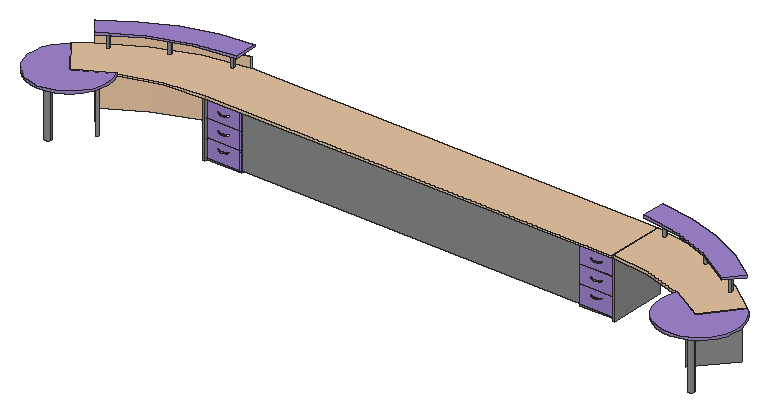
Revit family
Parameters (values of type "Desk - Reception")
  Material Frame = Metal - Paint Grey
  Material Draws and Tops = Paint - Violet
  Material Desk = Wood - Cherry
  Keynote = "N"
  Assembly Code = "E2020200"
  Counter Top = 1000 mm
  Table Height = 760 mm
Reference planes
  plane 1 "Center F/B": y = 0
  plane 2: z = 0
  plane 3 "Center L/R": x = 0
  plane 4: x = -1750
  plane 5: y = 740
  plane 6: x = 450
  plane 7 "Table \top": z = 760
  plane 8: z = 730
  plane 9: through (-681.418, 888.744, 0) normal (0.6085, -0.7936, 0)
  plane 10: y = 515
  plane 11: y = 815
  plane 12: z = 1000
  plane 13: z = 970
  plane 14: z = 885
  plane 15: z = 0
  plane 16: z = 30
  plane 17: y = 40
  plane 18: z = 263.333
  plane 19: z = 496.667
  plane 20 "Bottom Handle": z = 188.333
  plane 21: x = 225
  plane 22: x = 155
  plane 23: x = 295
  plane 24: z = 421.667
  plane 25: z = 655
  plane 26: x = 225
  plane 27: x = 155
  plane 28: x = 295
  plane 29: x = 225
  plane 30: x = 155
  plane 31: x = 295
  plane 32: z = 268.333
  plane 33: z = 501.667
  plane 34: x = 5064.796
  plane 35: x = 5134.796
  plane 36: x = 4994.796
  plane 37: x = 5064.796
  plane 38: x = 5134.796
  plane 39: x = 4994.796
  plane 40: x = 5064.796
  plane 41: x = 5134.796
  plane 42: x = 4994.796
Forms (mm)
  Extrusion 1, solid, material "Paint - Violet" <- "Material Draws and Tops"
    sketch origin (0, 0, 0) x (1, 0, 0) y (0, 1, 0)
      loop
        arc (-1750, 0) -> (-1567.486, -881.752) -> (-990.226, -190.689) r 500
        arc (-990.226, -190.689) -> (-1211.934, -298.545) -> (-1421.433, -428.536) r 2404.699
        line (-1421.433, -428.536) -> (-1750, 0)
    from 730 to 760
  Extrusion 2, solid, material "Wood - Cherry" <- "Material Desk"
    sketch origin (0, 0, 0) x (1, 0, 0) y (0, 1, 0)
      loop
        arc (0, 740) -> (-935.131, 512.203) -> (-1750, 0) r 3000
        line (-1750, 0) -> (-1421.433, -428.536)
        arc (-1421.433, -428.536) -> (-744.616, -101.826) -> (0, 0) r 2404.699
        line (0, 0) -> (0, 740)
    from 730 to 760
  Extrusion 3, solid, material "Paint - Violet" <- "Material Draws and Tops"
    sketch origin (0, 0, 0) x (1, 0, 0) y (0, 1, 0)
      loop
        arc (0, 815) -> (-844.129, 631.445) -> (-1588.573, 193.209) r 2728.559
        line (-1588.573, 193.209) -> (-1429.073, 0.355)
        arc (-1429.073, 0.355) -> (-752.954, 364.355) -> (0, 515) r 2600.156
        line (0, 515) -> (0, 815)
    from 970 to 1000
  Extrusion 4, solid, material "Metal - Paint Grey" <- "Material Frame"
    sketch origin (0, 0, 0) x (1, 0, 0) y (0, 1, 0)
      loop
        circle (-1399.099, 175.163) r 20
      loop
        circle (-162.557, 651.832) r 20
      loop
        circle (-837.953, 472.7) r 20
    from 760 to 970
  Extrusion 5, solid, material "Wood - Cherry" <- "Material Desk"
    sketch origin (0, 0, 0) x (1, 0, 0) y (0, 1, 0)
      loop
        line (0, 740) -> (0, 765)
        arc (0, 765) -> (-829.824, 586.473) -> (-1573.121, 176.607) r 2917.014
        line (-1573.121, 176.607) -> (-1558.36, 155.335)
        arc (-1558.36, 155.335) -> (-820.539, 557.905) -> (0, 740) r 3000
    from 0 to 885
  Extrusion 6, solid, material "Metal - Paint Grey" <- "Material Frame"
    sketch origin (0, 0, 0) x (1, 0, 0) y (0, 1, 0)
      loop
        line (0, 0) -> (0, 740) -> (-30, 740) -> (-30, 0) -> (0, 0)
      loop
        line (-1557.673, 155.847) -> (-1191.212, -287.247) -> (-1168.094, -268.128) -> (-1533.502, 173.693) -> (-1557.673, 155.847)
    from 0 to 730
  Extrusion 7, solid, material "Metal - Paint Grey" <- "Material Frame"
    sketch origin (104.058, 65.801, 0) x (1, 0, 0) y (0, 1, 0)
      loop
        circle (-1637.925, -699.485) r 40
    from 0 to 730
  Extrusion 8, solid, material "Wood - Cherry" <- "Material Desk"
    sketch origin (0, 0, 0) x (1, 0, 0) y (0, 1, 0)
      loop
        line (0, 740) -> (0, 0) -> (5289.796, 0) -> (5289.796, 740) -> (0, 740)
    from 730 to 760
  Extrusion 9, solid, material "Metal - Paint Grey" <- "Material Frame"
    sketch origin (0, 0, 0) x (1, 0, 0) y (0, 1, 0)
      loop
        line (0, 640) -> (0, 40) -> (450, 40) -> (450, 640) -> (0, 640)
    from 0 to 30
  Extrusion 10, solid, material "Paint - Violet" <- "Material Draws and Tops"
    sketch origin (0, 0, 0) x (1, 0, 0) y (0, 1, 0)
      loop
        line (0, 40) -> (0, 35)
        arc (0, 35) -> (4.393, 24.393) -> (15, 20) r 15
        line (15, 20) -> (435, 20)
        arc (435, 20) -> (445.607, 24.393) -> (450, 35) r 15
        line (450, 35) -> (450, 40) -> (0, 40)
    from 30 to 263.333
  Sweep 11, solid
    path origin (0, 0, 188.333) x (0, -1, 0) y (1, 0, 0)
      loop
        arc (-20, 155) -> (11.065, 225) -> (-20, 295) r 94.4
    profile origin (225, 0, 189) x (0, 1, 0) y (0, 0, 1)
      loop
        circle (-11.065, -0.667) r 2
  Sweep 12, solid
    path origin (0, 0, 395) x (0, -1, 0) y (1, 0, 0)
      loop
        arc (-20, 155) -> (11.065, 225) -> (-20, 295) r 94.4
    profile origin (225, 0, 395) x (0, 1, 0) y (0, 0, 1)
      loop
        circle (-11.065, 0) r 2
  Sweep 13, solid
    path origin (0, 0, 615) x (0, -1, 0) y (1, 0, 0)
      loop
        arc (-20, 155) -> (11.065, 225) -> (-20, 295) r 94.4
    profile origin (225, 0, 615) x (0, 1, 0) y (0, 0, 1)
      loop
        circle (-11.065, 0) r 2
  Extrusion 14, solid, material "Paint - Violet" <- "Material Draws and Tops"
    sketch origin (0, 0, 0) x (1, 0, 0) y (0, 1, 0)
      loop
        line (450, 40) -> (0, 40) -> (0, 35)
        arc (0, 35) -> (4.393, 24.393) -> (15, 20) r 15
        line (15, 20) -> (435, 20)
        arc (435, 20) -> (445.607, 24.393) -> (450, 35) r 15
        line (450, 35) -> (450, 40)
    from 255 to 496.667
  Extrusion 15, solid, material "Paint - Violet" <- "Material Draws and Tops"
    sketch origin (0, 0, 0) x (1, 0, 0) y (0, 1, 0)
      loop
        line (450, 40) -> (0, 40) -> (0, 35)
        arc (0, 35) -> (4.393, 24.393) -> (15, 20) r 15
        line (15, 20) -> (435, 20)
        arc (435, 20) -> (445.607, 24.393) -> (450, 35) r 15
        line (450, 35) -> (450, 40)
    from 501.667 to 730
  Extrusion 16, solid, material "Metal - Paint Grey" <- "Material Frame"
    sketch origin (0, 0, 188.333) x (0, -1, 0) y (1, 0, 0)
      loop
        line (-640, 0) -> (-40, 0) -> (-40, 25) -> (-615, 25) -> (-615, 425) -> (-40, 425) -> (-40, 5153.297) -> (-640, 5153.297) -> (-640, 0)
    from -158.333 to 541.667
  Extrusion 17, solid, material "Paint - Violet" <- "Material Draws and Tops"
    sketch origin (5289.796, 5, 0) x (-1, 0, 0) y (0, -1, 0)
      loop
        line (-1750, 0) -> (-1421.433, 428.536)
        arc (-1421.433, 428.536) -> (-1211.934, 298.545) -> (-990.226, 190.689) r 2404.699
        arc (-990.226, 190.689) -> (-1567.486, 881.752) -> (-1750, 0) r 500
    from 730 to 760
  Extrusion 18, solid, material "Paint - Violet" <- "Material Draws and Tops"
    sketch origin (5289.796, 5, 0) x (-1, 0, 0) y (0, -1, 0)
      loop
        line (0, -815) -> (0, -515)
        arc (0, -515) -> (-752.954, -364.355) -> (-1429.073, -0.355) r 2600.156
        line (-1429.073, -0.355) -> (-1588.573, -193.209)
        arc (-1588.573, -193.209) -> (-844.129, -631.445) -> (0, -815) r 2728.559
    from 970 to 1000
  Extrusion 19, solid, material "Metal - Paint Grey" <- "Material Frame"
    sketch origin (5289.796, 5, 0) x (-1, 0, 0) y (0, -1, 0)
      loop
        circle (-1399.099, -175.163) r 20
      loop
        circle (-162.557, -651.832) r 20
      loop
        circle (-837.953, -472.7) r 20
    from 760 to 970
  Extrusion 20, solid, material "Metal - Paint Grey" <- "Material Frame"
    sketch origin (5289.796, 5, 0) x (-1, 0, 0) y (0, -1, 0)
      loop
        line (0, 0) -> (-30, 0) -> (-30, -740) -> (0, -740) -> (0, 0)
      loop
        line (-1557.673, -155.847) -> (-1533.502, -173.693) -> (-1168.094, 268.128) -> (-1191.212, 287.247) -> (-1557.673, -155.847)
    from 0 to 730
  Extrusion 21, solid, material "Metal - Paint Grey" <- "Material Frame"
    sketch origin (5185.739, 70.801, 0) x (-1, 0, 0) y (0, -1, 0)
      loop
        circle (-1637.925, 699.485) r 40
    from 0 to 730
  Extrusion 22, solid, material "Metal - Paint Grey" <- "Material Frame"
    sketch origin (5289.796, 5, 0) x (-1, 0, 0) y (0, -1, 0)
      loop
        line (0, -640) -> (450, -640) -> (450, -40) -> (0, -40) -> (0, -640)
    from 0 to 30
  Extrusion 23, solid, material "Paint - Violet" <- "Material Draws and Tops"
    sketch origin (5289.796, 5, 0) x (-1, 0, 0) y (0, -1, 0)
      loop
        line (0, -40) -> (450, -40) -> (450, -35)
        arc (450, -35) -> (445.607, -24.393) -> (435, -20) r 15
        line (435, -20) -> (15, -20)
        arc (15, -20) -> (4.393, -24.393) -> (0, -35) r 15
        line (0, -35) -> (0, -40)
    from 30 to 263.333
  Sweep 24, solid
    path origin (5289.796, 5, 188.333) x (0, -1, 0) y (-1, 0, 0)
      loop
        arc (-20, 155) -> (11.065, 225) -> (-20, 295) r 94.4
    profile origin (5064.796, 0, 189) x (0, -1, 0) y (0, 0, 1)
      loop
        circle (6.065, -0.667) r 2
  Sweep 25, solid
    path origin (5289.796, 5, 395) x (0, 1, 0) y (-1, 0, 0)
      loop
        arc (20, 155) -> (-11.065, 225) -> (20, 295) r 94.4
    profile origin (5064.796, 0, 395) x (0, -1, 0) y (0, 0, 1)
      loop
        circle (6.065, 0) r 2
  Sweep 26, solid
    path origin (5289.796, 5, 615) x (0, 1, 0) y (-1, 0, 0)
      loop
        arc (20, 155) -> (-11.065, 225) -> (20, 295) r 94.4
    profile origin (5064.796, 0, 615) x (0, -1, 0) y (0, 0, 1)
      loop
        circle (6.065, 0) r 2
  Extrusion 27, solid, material "Paint - Violet" <- "Material Draws and Tops"
    sketch origin (5289.796, 5, 0) x (-1, 0, 0) y (0, -1, 0)
      loop
        line (450, -40) -> (450, -35)
        arc (450, -35) -> (445.607, -24.393) -> (435, -20) r 15
        line (435, -20) -> (15, -20)
        arc (15, -20) -> (4.393, -24.393) -> (0, -35) r 15
        line (0, -35) -> (0, -40) -> (450, -40)
    from 255 to 496.667
  Extrusion 28, solid, material "Paint - Violet" <- "Material Draws and Tops"
    sketch origin (5289.796, 5, 0) x (-1, 0, 0) y (0, -1, 0)
      loop
        line (450, -40) -> (450, -35)
        arc (450, -35) -> (445.607, -24.393) -> (435, -20) r 15
        line (435, -20) -> (15, -20)
        arc (15, -20) -> (4.393, -24.393) -> (0, -35) r 15
        line (0, -35) -> (0, -40) -> (450, -40)
    from 501.667 to 730
  Extrusion 29, solid, material "Wood - Cherry" <- "Material Desk"
    sketch origin (4945.393, 5, 0) x (1, 0, 0) y (0, 1, 0)
      loop
        line (344.403, 740) -> (344.403, 0)
        arc (344.403, 0) -> (1089.019, -101.826) -> (1765.836, -428.536) r 2404.699
        line (1765.836, -428.536) -> (2094.403, 0)
        arc (2094.403, 0) -> (1279.535, 512.203) -> (344.403, 740) r 3000
    from 730 to 760
Cuts and joins
  joined: Extrusion 2, Extrusion 5, Extrusion 8
Lines and regions (mm)
  Masking region 1
    outline origin (0, 0, 0) x (1, 0, 0) y (0, 1, 0)
      loop
        arc (-1750, 0) -> (-1567.486, -881.752) -> (-990.226, -190.689) r 500
        arc (-990.226, -190.689) -> (-505.221, -42.854) -> (0, 0) r 2404.699
        line (0, 0) -> (6900, 0) -> (6900, 740) -> (0, 740) -> (0, 815)
        arc (0, 815) -> (-844.129, 631.445) -> (-1588.573, 193.209) r 2728.559
        line (-1588.573, 193.209) -> (-1557.673, 155.847)
        arc (-1557.673, 155.847) -> (-1655.444, 79.908) -> (-1750, 0) r 3000
  symbolic lines
    curve 1: arc (-1557.673, 155.847, 0) -> (-1655.444, 79.908, 0) -> (-1750, 0, 0) r 3000
    curve 2: line (-1750, 0, 0) -> (-1421.433, -428.536, 0)
    curve 3: arc (-1421.433, -428.536, 0) -> (-1211.934, -298.545, 0) -> (-990.226, -190.689, 0) r 2404.699
    curve 4: line (0, 815, 0) -> (0, 0, 0)
    curve 5: line (0, 740, 0) -> (450, 740, 0)
    curve 6: line (450, 740, 0) -> (450, 0, 0)
    curve 7: line (450, 0, 0) -> (0, 0, 0)
    curve 8: arc (-1429.073, 0.355, 0) -> (-752.954, 364.355, 0) -> (0, 515, 0) r 2600.156
    curve 9: line (-1588.573, 193.209, 0) -> (-1429.073, 0.355, 0)
Dimensions and locks
  "Table Height": plane 7 "Table \top" to plane 2
  locked: plane 7 "Table \top" to plane 8 at 30
  "Counter Top": plane 12 to level
  locked: plane 12 to plane 13 at 30
  locked: plane 13 to plane 14 at 85
  plane 16 to plane 15 to plane 2 = 30 mm locked, 0 mm locked
  equal spacing: plane 8, plane 19, plane 18, plane 16
  locked: plane 18 to plane 20 "Bottom Handle" at 75
  locked: plane 8 to plane 25 at 75
  locked: plane 19 to plane 24 at 75
  locked: plane 32 to plane 18 at 5
  locked: plane 33 to plane 19 at 5
  aligned and locked: Extrusion 1 sketch curve to curve 2
  aligned and locked: Extrusion 1 sketch curve to curve 3
  aligned and locked: Extrusion 1 to plane 7 "Table \top"
  aligned and locked: Extrusion 1 to plane 8
  aligned and locked: Extrusion 2 sketch curve to curve 1
  aligned and locked: Extrusion 2 sketch curve to Extrusion 1
  aligned and locked: Extrusion 2 sketch curve to curve 3
  aligned and locked: curve 4 to Extrusion 2 sketch curve
  aligned and locked: Extrusion 2 to plane 7 "Table \top"
  aligned and locked: Extrusion 2 to plane 8
  aligned and locked: Extrusion 3 sketch curve to curve 8
  aligned and locked: Extrusion 3 sketch curve to curve 9
  aligned and locked: Extrusion 3 sketch curve to curve 4
  aligned and locked: Extrusion 3 to plane 12
  aligned and locked: plane 13 to Extrusion 3
  aligned and locked: Extrusion 4 to plane 13
  aligned and locked: plane 7 "Table \top" to Extrusion 4
  aligned and locked: Extrusion 5 sketch curve to Extrusion 2
  aligned and locked: plane 14 to Extrusion 5
  aligned and locked: plane 8 to Extrusion 6
  aligned and locked: plane 8 to Extrusion 7
  aligned and locked: Extrusion 8 sketch curve to curve 5
  aligned and locked: Extrusion 8 sketch curve to curve 7
  aligned and locked: Extrusion 8 sketch curve to Extrusion 2
  aligned and locked: Extrusion 9 to plane 16
  aligned and locked: plane 15 to Extrusion 9
  aligned and locked: plane 3 "Center L/R" to Extrusion 10 sketch curve
  aligned and locked: plane 6 to Extrusion 10 sketch curve
  aligned and locked: plane 16 to Extrusion 10
  aligned and locked: Extrusion 10 to plane 18
  aligned and locked: plane 17 to Extrusion 9 sketch curve
  aligned and locked: plane 22 to Sweep 11 sketch curve
  aligned and locked: plane 23 to Sweep 11 sketch curve
  aligned and locked: plane 27 to Sweep 12 sketch curve
  aligned and locked: plane 28 to Sweep 12 sketch curve
  aligned and locked: plane 30 to Sweep 13 sketch curve
  aligned and locked: plane 31 to Sweep 13 sketch curve
  aligned and locked: Extrusion 14 to plane 19
  aligned and locked: plane 8 to Extrusion 15
  aligned and locked: plane 33 to Extrusion 15
  aligned and locked: Extrusion 16 sketch curve to Extrusion 9  (x2)
  aligned and locked: Extrusion 9 to Extrusion 16 sketch curve
  aligned and locked: Sweep 24 sketch curve to plane 35
  aligned and locked: Sweep 24 sketch curve to plane 36
  aligned and locked: plane 38 to Sweep 25 sketch curve
  aligned and locked: plane 39 to Sweep 25 sketch curve
  aligned and locked: plane 41 to Sweep 26 sketch curve
  aligned and locked: plane 42 to Sweep 26 sketch curve
Automatic sketch dimensions
  curve 2 to plane 1 "Center F/B" = 0 mm
  curve 2 to plane 4 = 0 mm
  curve 9 to plane 9 = 0 mm
  curve 5 to plane 3 "Center L/R" = 0 mm
  curve 6 to plane 5 = 0 mm
  curve 6 to plane 6 = 0 mm
  curve 6 to plane 1 "Center F/B" = 0 mm
  curve 8 to plane 10 = 0 mm
  curve 4 to plane 11 = 0 mm
  curve 9 to plane 17 = 153.209 mm
  curve 9 to curve 1 = 30.9 mm
  curve 9 to plane 1 "Center F/B" = 0.355 mm
  curve 1 to curve 9 = 128.599 mm
  plane 4 to curve 2 = 328.567 mm
  plane 1 "Center F/B" to curve 3 = 190.689 mm
  curve 8 to curve 3 = 438.847 mm
  curve 3 to plane 3 "Center L/R" = 50.501 mm
  plane 3 "Center L/R" to curve 8 = 128.04 mm
  curve 8 to curve 1 = 105.234 mm
  curve 3 to curve 1 = 153.252 mm
  Extrusion 1 sketch curve to plane 1 "Center F/B" = 0 mm
  Extrusion 1 sketch curve to Extrusion 1 sketch curve = 24.338 mm
  plane 1 "Center F/B" to Extrusion 1 sketch curve = 190.689 mm
  Extrusion 3 sketch curve to plane 9 = 0 mm
  Extrusion 3 sketch curve to plane 11 = 0 mm
  plane 3 "Center L/R" to Extrusion 3 sketch curve = 150.399 mm
  Extrusion 4 sketch curve to Extrusion 4 sketch curve = 0 mm  (x6)
  plane 4 to Extrusion 4 sketch curve = 330.901 mm
  Extrusion 4 sketch curve to Extrusion 4 sketch curve = 20 mm  (x3)
  Extrusion 4 sketch curve to plane 10 = 42.3 mm
  Extrusion 4 sketch curve to Extrusion 4 sketch curve = 521.146 mm
  Extrusion 4 sketch curve to plane 3 "Center L/R" = 182.557 mm
  Extrusion 4 sketch curve to plane 17 = 135.163 mm
  Extrusion 4 sketch curve to plane 5 = 88.168 mm
  Extrusion 5 sketch curve to plane 3 "Center L/R" = 0 mm
  Extrusion 5 sketch curve to plane 17 = 115.335 mm
  Extrusion 5 sketch curve to Extrusion 5 sketch curve = 14.761 mm
  Extrusion 5 sketch curve to Extrusion 5 sketch curve = 41.191 mm
  Extrusion 5 sketch curve to Extrusion 5 sketch curve = 105.234 mm
  Extrusion 5 sketch curve to Extrusion 5 sketch curve = 21.271 mm
  Extrusion 6 sketch curve to plane 5 = 0 mm
  Extrusion 6 sketch curve to plane 1 "Center F/B" = 0 mm
  Extrusion 6 sketch curve to plane 3 "Center L/R" = 0 mm
  Extrusion 6 sketch curve to plane 3 "Center L/R" = 30 mm
  plane 4 to Extrusion 6 sketch curve = 581.906 mm
  plane 1 "Center F/B" to Extrusion 6 sketch curve = 287.247 mm
  Extrusion 6 sketch curve to Extrusion 6 sketch curve = 23.118 mm
  plane 4 to Extrusion 6 sketch curve = 216.498 mm
  Extrusion 6 sketch curve to plane 17 = 115.847 mm
  Extrusion 6 sketch curve to Extrusion 6 sketch curve = 24.171 mm
  Extrusion 7 sketch curve to Extrusion 7 sketch curve = 0 mm  (x2)
  plane 4 to Extrusion 7 sketch curve = 176.132 mm
  Extrusion 7 sketch curve to Extrusion 7 sketch curve = 40 mm
  plane 1 "Center F/B" to Extrusion 7 sketch curve = 633.684 mm
  Extrusion 8 sketch curve to plane 6 = 4839.796 mm
  Extrusion 9 sketch curve to plane 3 "Center L/R" = 0 mm
  Extrusion 9 sketch curve to plane 6 = 0 mm
  Extrusion 9 sketch curve to plane 5 = 100 mm
  Extrusion 10 sketch curve to plane 17 = 0 mm
  plane 17 to Extrusion 10 sketch curve = 5 mm  (x2)
  Extrusion 10 sketch curve to Extrusion 10 sketch curve = 15 mm
  Sweep 11 sketch curve to plane 21 = 0 mm
  Sweep 11 sketch curve to plane 17 = 43.335 mm
  Sweep 11 sketch curve to plane 1 "Center F/B" = 20 mm
  Sweep 11 sketch curve to Sweep 11 sketch curve = 0 mm  (x2)
  Sweep 11 sketch curve to plane 20 "Bottom Handle" = 0 mm
  Sweep 11 sketch curve to profile plane = 0 mm
  Sweep 11 sketch curve to Sweep 11 sketch curve = 2 mm
  Sweep 12 sketch curve to plane 26 = 0 mm
  Sweep 12 sketch curve to plane 17 = 43.335 mm
  Sweep 12 sketch curve to plane 1 "Center F/B" = 20 mm
  Sweep 12 sketch curve to Sweep 12 sketch curve = 0 mm  (x2)
  Sweep 12 sketch curve to profile plane = 0 mm
  profile plane to Sweep 12 sketch curve = 2 mm
  Sweep 13 sketch curve to plane 29 = 0 mm
  Sweep 13 sketch curve to plane 17 = 43.335 mm
  Sweep 13 sketch curve to plane 1 "Center F/B" = 20 mm
  Sweep 13 sketch curve to Sweep 13 sketch curve = 0 mm  (x2)
  Sweep 13 sketch curve to profile plane = 0 mm
  profile plane to Sweep 13 sketch curve = 2 mm
  Extrusion 14 sketch curve to plane 3 "Center L/R" = 0 mm
  Extrusion 14 sketch curve to plane 6 = 0 mm
  Extrusion 14 sketch curve to plane 17 = 0 mm
  plane 3 "Center L/R" to Extrusion 14 sketch curve = 15 mm
  plane 6 to Extrusion 14 sketch curve = 15 mm
  plane 17 to Extrusion 14 sketch curve = 5 mm
  Extrusion 15 sketch curve to plane 3 "Center L/R" = 0 mm
  Extrusion 15 sketch curve to plane 6 = 0 mm
  Extrusion 15 sketch curve to plane 17 = 0 mm
  plane 17 to Extrusion 15 sketch curve = 5 mm
  Extrusion 15 sketch curve to Extrusion 15 sketch curve = 15 mm
  plane 6 to Extrusion 15 sketch curve = 15 mm
  Extrusion 16 sketch curve to plane 17 = 0 mm
  plane 6 to Extrusion 16 sketch curve = 25 mm
  plane 10 to Extrusion 16 sketch curve = 100 mm
  plane 3 "Center L/R" to Extrusion 16 sketch curve = 25 mm
  Extrusion 16 sketch curve to plane 6 = 4703.297 mm
  Masking region 1 sketch curve to plane 1 "Center F/B" = 0 mm  (x2)
  Masking region 1 sketch curve to plane 4 = 0 mm
  Masking region 1 sketch curve to plane 9 = 0 mm
  Masking region 1 sketch curve to plane 3 "Center L/R" = 0 mm  (x2)
  Masking region 1 sketch curve to plane 5 = 0 mm  (x2)
  Masking region 1 sketch curve to plane 11 = 0 mm
  Masking region 1 sketch curve to plane 17 = 153.209 mm
  Masking region 1 sketch curve to Masking region 1 sketch curve = 30.9 mm
  Masking region 1 sketch curve to Masking region 1 sketch curve = 0 mm  (x3)
  plane 4 to Masking region 1 sketch curve = 304.229 mm
  plane 1 "Center F/B" to Masking region 1 sketch curve = 190.689 mm
  Masking region 1 sketch curve to Masking region 1 sketch curve = 455.545 mm
  Masking region 1 sketch curve to plane 3 "Center L/R" = 50.501 mm
  plane 3 "Center L/R" to Masking region 1 sketch curve = 150.399 mm
  plane 6 to Masking region 1 sketch curve = 216.727 mm
  Masking region 1 sketch curve to plane 6 = 6450 mm
  Masking region 1 sketch curve to Masking region 1 sketch curve = 153.252 mm
  plane 1 "Center F/B" to Extrusion 17 sketch curve = 5 mm
  plane 6 to Extrusion 17 sketch curve = 6589.796 mm
  Extrusion 17 sketch curve to Extrusion 17 sketch curve = 304.229 mm
  Extrusion 17 sketch curve to plane 1 "Center F/B" = 423.536 mm
  Extrusion 17 sketch curve to Extrusion 17 sketch curve = 24.338 mm
  Extrusion 17 sketch curve to Extrusion 17 sketch curve = 431.206 mm
  Extrusion 17 sketch curve to Extrusion 17 sketch curve = 939.725 mm
  Extrusion 17 sketch curve to Extrusion 17 sketch curve = 1975.632 mm
  plane 6 to Extrusion 18 sketch curve = 6428.369 mm
  Extrusion 18 sketch curve to Extrusion 18 sketch curve = 159.5 mm
  Extrusion 18 sketch curve to Extrusion 18 sketch curve = 1429.073 mm
  Extrusion 18 sketch curve to Extrusion 18 sketch curve = 128.04 mm
  Extrusion 18 sketch curve to Extrusion 18 sketch curve = 22.359 mm
  Extrusion 18 sketch curve to plane 1 "Center F/B" = 2077.002 mm
  Extrusion 18 sketch curve to Extrusion 18 sketch curve = 172.591 mm
  Extrusion 18 sketch curve to Extrusion 18 sketch curve = 1909.766 mm
  Extrusion 18 sketch curve to Extrusion 18 sketch curve = 192.854 mm
  Extrusion 19 sketch curve to Extrusion 19 sketch curve = 0 mm  (x6)
  plane 6 to Extrusion 19 sketch curve = 6258.895 mm
  Extrusion 19 sketch curve to Extrusion 19 sketch curve = 20 mm  (x3)
  Extrusion 19 sketch curve to Extrusion 19 sketch curve = 521.146 mm
  Extrusion 19 sketch curve to Extrusion 19 sketch curve = 635.396 mm
  plane 1 "Center F/B" to Extrusion 19 sketch curve = 180.163 mm
  Extrusion 19 sketch curve to Extrusion 19 sketch curve = 297.538 mm
  Extrusion 19 sketch curve to Extrusion 19 sketch curve = 179.131 mm
  plane 1 "Center F/B" to Extrusion 20 sketch curve = 160.847 mm
  plane 6 to Extrusion 20 sketch curve = 6397.469 mm
  plane 1 "Center F/B" to Extrusion 20 sketch curve = 178.693 mm
  Extrusion 20 sketch curve to Extrusion 20 sketch curve = 24.171 mm
  Extrusion 20 sketch curve to Extrusion 20 sketch curve = 342.29 mm
  Extrusion 20 sketch curve to plane 1 "Center F/B" = 263.128 mm
  Extrusion 20 sketch curve to Extrusion 20 sketch curve = 1138.094 mm
  Extrusion 20 sketch curve to Extrusion 20 sketch curve = 30 mm
  Extrusion 20 sketch curve to Extrusion 20 sketch curve = 268.128 mm
  Extrusion 20 sketch curve to Extrusion 20 sketch curve = 740 mm
  Extrusion 21 sketch curve to Extrusion 21 sketch curve = 0 mm  (x2)
  plane 6 to Extrusion 21 sketch curve = 6413.664 mm
  Extrusion 21 sketch curve to Extrusion 21 sketch curve = 40 mm
  Extrusion 21 sketch curve to plane 1 "Center F/B" = 628.684 mm
  plane 6 to Extrusion 22 sketch curve = 4839.796 mm
  Extrusion 22 sketch curve to Extrusion 22 sketch curve = 450 mm
  plane 1 "Center F/B" to Extrusion 22 sketch curve = 45 mm
  Extrusion 22 sketch curve to Extrusion 22 sketch curve = 600 mm
  plane 1 "Center F/B" to Extrusion 23 sketch curve = 40 mm
  plane 6 to Extrusion 23 sketch curve = 4839.796 mm
  Extrusion 23 sketch curve to Extrusion 23 sketch curve = 15 mm  (x2)
  Extrusion 23 sketch curve to Extrusion 23 sketch curve = 420 mm
  Extrusion 23 sketch curve to Extrusion 23 sketch curve = 5 mm
  Sweep 24 sketch curve to plane 34 = 0 mm
  plane 1 "Center F/B" to Sweep 24 sketch curve = 88.335 mm
  Sweep 24 sketch curve to Sweep 24 sketch curve = 63.335 mm
  Sweep 24 sketch curve to Sweep 24 sketch curve = 0 mm  (x2)
  Sweep 24 sketch curve to plane 20 "Bottom Handle" = 0 mm
  Sweep 24 sketch curve to profile plane = 0 mm
  profile plane to Sweep 24 sketch curve = 2 mm
  Sweep 25 sketch curve to plane 37 = 0 mm
  Sweep 25 sketch curve to plane 1 "Center F/B" = 25 mm
  Sweep 25 sketch curve to Sweep 25 sketch curve = 63.335 mm
  Sweep 25 sketch curve to Sweep 25 sketch curve = 0 mm  (x2)
  Sweep 25 sketch curve to profile plane = 0 mm
  profile plane to Sweep 25 sketch curve = 2 mm
  Sweep 26 sketch curve to plane 40 = 0 mm
  Sweep 26 sketch curve to plane 1 "Center F/B" = 25 mm
  Sweep 26 sketch curve to Sweep 26 sketch curve = 63.335 mm
  Sweep 26 sketch curve to Sweep 26 sketch curve = 0 mm  (x2)
  Sweep 26 sketch curve to profile plane = 0 mm
  profile plane to Sweep 26 sketch curve = 2 mm
  plane 6 to Extrusion 27 sketch curve = 4839.796 mm
  Extrusion 27 sketch curve to Extrusion 27 sketch curve = 15 mm  (x2)
  Extrusion 27 sketch curve to Extrusion 27 sketch curve = 420 mm
  plane 1 "Center F/B" to Extrusion 27 sketch curve = 25 mm
  Extrusion 27 sketch curve to Extrusion 27 sketch curve = 5 mm
  plane 6 to Extrusion 28 sketch curve = 4839.796 mm
  Extrusion 28 sketch curve to Extrusion 28 sketch curve = 15 mm  (x2)
  Extrusion 28 sketch curve to Extrusion 28 sketch curve = 420 mm
  plane 1 "Center F/B" to Extrusion 28 sketch curve = 25 mm
  Extrusion 28 sketch curve to Extrusion 28 sketch curve = 5 mm
  Extrusion 29 sketch curve to plane 6 = 4606.523 mm
  Extrusion 29 sketch curve to plane 1 "Center F/B" = 745 mm
  Extrusion 29 sketch curve to Extrusion 29 sketch curve = 233.273 mm
  Extrusion 29 sketch curve to Extrusion 29 sketch curve = 283.774 mm
  plane 1 "Center F/B" to Extrusion 29 sketch curve = 423.536 mm
  Extrusion 29 sketch curve to Extrusion 29 sketch curve = 1421.433 mm
  Extrusion 29 sketch curve to Extrusion 29 sketch curve = 328.567 mm
  Extrusion 29 sketch curve to Extrusion 29 sketch curve = 1822.38 mm
  Extrusion 29 sketch curve to Extrusion 29 sketch curve = 153.252 mm
